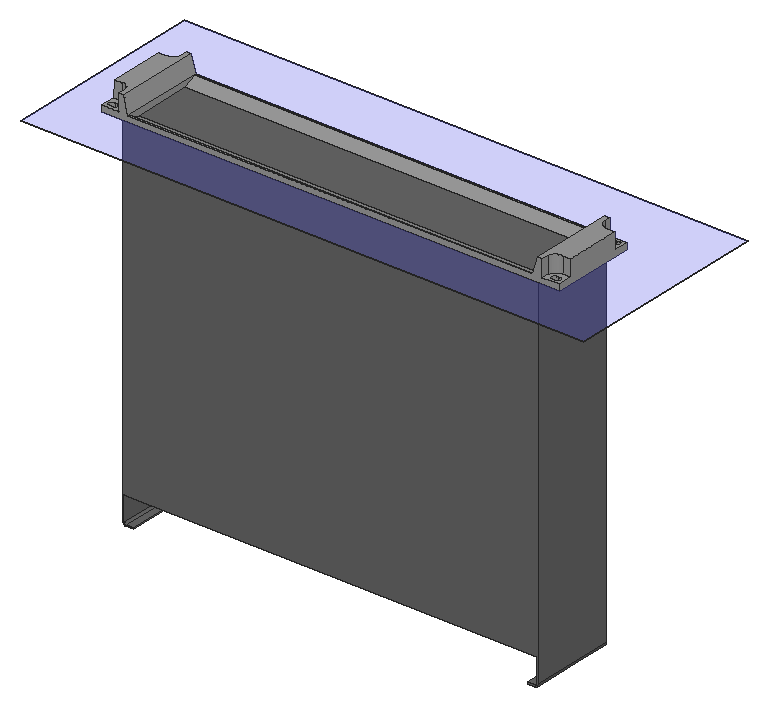
Revit family "QSC CXD-Q Amplifiers", category Generic Models, host Face, Revit 2012
Parameters (values of type "CXD4.5Q")
  Width = 1' - 7"  # constant formula
  Weight Product (lb) = 22
  Weight Product (kg) = 10
  Weight Dimensional (lb) = 26
  Weight Dimensional (kg) = 11.8
  Voltage AC = "100-240 at 50-60 Hz"  # constant formula
  URL = "http://qsc.com/products/Power_Amplifiers/CXD-Q_Series/CXD4.5Q/"
  Regulatory Compliance = "UL, CE, RoHS/WEEE, FCC Class A"  # constant formula
  Product Page URL = "http://qsc.com/products/Power_Amplifiers/CXD-Q_Series/CXD4.5Q/"
  Product Documentation Link = "http://qsc.com/files/1913/9232/8368/CXD-Q_SpecSheet_02132014.pdf"
  Power Troubleshoot [instance] = 0
  Power Standby [instance] = 0
  Power Peak [instance] = 0
  Power Factor [instance] = 0
  Power Active [instance] = 0
  Model = "CXD4.5Q"
  Manufacturer URL = "http://www.qscaudio.com"
  Manufacturer = "QSC Audio Products, LLC"  # constant formula
  Inner Front Width [instance] = 1' - 4.819"
  Height = 0' - 3 1/2"  # constant formula
  Heat Load Troubleshoot [instance] = 0
  Heat Load Standby [instance] = 0
  Heat Load Active [instance] = 0
  Face Material [instance] = Light Gray Finish
  Description = "5000 Watt Multi-Channel Network Processing Amplifier"
  Depth = 1' - 4"
  Default Elevation = 0' - 0"
  Current Draw [instance] = 0
  Amplifier Material [instance] = Black Finish
Types (4): name | Weight Product (lb) | Weight Product (kg) | Weight Dimensional (lb) | Weight Dimensional (kg) | URL | Product Page URL | Model | Description | Depth
  (no name) | 22 | 10 | 26 | 11.8 | "http://qsc.com/products/Power_Amplifiers/CXD-Q_Series/CXD4.5Q/" | "http://qsc.com/products/Power_Amplifiers/CXD-Q_Series/CXD4.5Q/" | "CXD4.5Q" | "5000 Watt Multi-Channel Network Processing Amplifier" | 1' - 4"
  CXD4.2Q | 18.5 | 8.4 | 22 | 10 | "http://qsc.com/products/Power_Amplifiers/CXD-Q_Series/CXD4.2Q/" | "http://qsc.com/products/Power_Amplifiers/CXD-Q_Series/CXD4.2Q/" | "CXD4.2Q" | "2000 Watt Multi-Channel Network Processing Amplifier" | 1' - 0"
  CXD4.3Q | 21 | 9.5 | 25 | 11.3 | "http://qsc.com/products/Power_Amplifiers/CXD-Q_Series/CXD4.3Q/" | "http://qsc.com/products/Power_Amplifiers/CXD-Q_Series/CXD4.3Q/" | "CXD4.3Q" | "3000 Watt Multi-Channel Network Processing Amplifier" | 1' - 4"
  CXD4.5Q | 22 | 10 | 26 | 11.8 | "http://qsc.com/products/Power_Amplifiers/CXD-Q_Series/CXD4.5Q/" | "http://qsc.com/products/Power_Amplifiers/CXD-Q_Series/CXD4.5Q/" | "CXD4.5Q" | "5000 Watt Multi-Channel Network Processing Amplifier" | 1' - 4"
Reference planes (in)
  plane 1 "Center (Front/Back)": y = 0
  plane 2: z = 0
  plane 3 "Center (Left/Right)": x = 0
  plane 4 "Left": x = -9.5
  plane 5 "Right": x = 9.5
  plane 6 "Top": y = 1.75
  plane 7 "Bottom": y = -1.75
  plane 8 "Back": z = -15.0591
  plane 9: z = -13.9291
  plane 10: x = -8.6228
  plane 11: x = 8.6228
  plane 12 "Front": z = 0.9409
  plane 13: x = -8.1838
  plane 14: x = 8.1838
  plane 15: x = -9.4688
  plane 16: x = -8.5948
  plane 17: x = -8.4095
  plane 18: z = 0.2492
  plane 19: x = 9.4688
  plane 20: x = 8.5948
  plane 21: x = 8.4095
  plane 22: z = 0.2492
  plane 23: z = 0.5531
  plane 24 "Inner Left": x = -8.4095
  plane 25 "Inner Right": x = 8.4095
Forms (in)
  Extrusion 1, solid, material "Glass"
    sketch origin (0, 0, 0) x (1, 0, 0) y (0, 1, 0)
      loop
        line (-11.18464, 4.67779) -> (-11.18464, -3.88137) -> (12.1957, -3.88137) -> (12.1957, 4.67779) -> (-11.18464, 4.67779)
    from 0 to -0.03906
  Extrusion 2, solid, material "Black Finish" <- "Amplifier Material"
    sketch origin (0, -1.75, 0) x (-1, 0, 0) y (0, 0, 1)
      loop
        line (9.5, 0) -> (-9.5, 0) -> (-9.5, -15.0591) -> (9.5, -15.0591) -> (9.5, 0)
    from 0 to 3.5 <- "Height"
  Extrusion 3, void
    sketch origin (0, -1.75, 0) x (-1, 0, 0) y (0, 0, 1)
      loop
        line (8.6228, -15.0591) -> (9.5, -15.0591) -> (9.5, 0) -> (8.6228, 0) -> (8.6228, -15.0591)
      loop
        line (-9.5, -15.0591) -> (-8.6228, -15.0591) -> (-8.6228, 0) -> (-9.5, 0) -> (-9.5, -15.0591)
    from 0 to 3.5 <- "Height"
  Extrusion 4, void
    sketch origin (0, -1.75, 0) x (-1, 0, 0) y (0, 0, 1)
      loop
        arc (8.6228, -14.9291) -> (8.58472, -15.02102) -> (8.4928, -15.0591) r 0.13
        line (8.4928, -15.0591) -> (8.6228, -15.0591) -> (8.6228, -14.9291)
      loop
        line (8.5755, -14.92909) -> (8.5755, -13.9291) -> (-8.5755, -13.9291) -> (-8.5755, -14.92909)
        arc (-8.5755, -14.92909) -> (-8.55128, -14.98757) -> (-8.4928, -15.01179) r 0.0827
        line (-8.4928, -15.01179) -> (-8.1838, -15.01179) -> (-8.1838, -15.0591) -> (8.1838, -15.0591) -> (8.1838, -15.01179) -> (8.4928, -15.01179)
        arc (8.4928, -15.01179) -> (8.55128, -14.98757) -> (8.5755, -14.92909) r 0.0827
      loop
        line (-8.6228, -14.9291) -> (-8.6228, -15.0591) -> (-8.4928, -15.0591)
        arc (-8.4928, -15.0591) -> (-8.58472, -15.02102) -> (-8.6228, -14.9291) r 0.13
    from 0 to 3.5
  Extrusion 5, void
    sketch origin (0, -1.75, 0) x (-1, 0, 0) y (0, 0, 1)
      loop
        line (9.5, 0) -> (9.5, 0.9409) -> (9.4688, 0.9409) -> (9.5, 0)
      loop
        line (8.5948, 0.9409) -> (-8.5948, 0.9409) -> (-8.4095, 0.2492)
        arc (-8.4095, 0.2492) -> (0, 0.54301) -> (8.4095, 0.2492) r 120.49542
        line (8.4095, 0.2492) -> (8.5948, 0.9409)
      loop
        line (-9.4688, 0.9409) -> (-9.5, 0.9409) -> (-9.5, 0) -> (-9.4688, 0.9409)
    from 0 to 3.5
  Extrusion 6, void
    sketch origin (0, 0, 0.9409) x (-1, 0, 0) y (0, -1, 0)
      loop
        line (9.5, -1.75) -> (9.5, -1.138) -> (9.1609, -1.138)
        arc (9.1609, -1.138) -> (8.90489, -1.23581) -> (8.7793, -1.4794) r 0.38397
        line (8.7793, -1.4794) -> (8.7793, -1.75) -> (9.5, -1.75)
      loop
        line (9.5, 1.75) -> (8.7793, 1.75) -> (8.7793, 1.4794)
        arc (8.7793, 1.4794) -> (8.90489, 1.23581) -> (9.1609, 1.138) r 0.38397
        line (9.1609, 1.138) -> (9.5, 1.138) -> (9.5, 1.75)
      loop
        line (-9.5, -1.75) -> (-8.7793, -1.75) -> (-8.7793, -1.4794)
        arc (-8.7793, -1.4794) -> (-8.90489, -1.23581) -> (-9.1609, -1.138) r 0.38397
        line (-9.1609, -1.138) -> (-9.5, -1.138) -> (-9.5, -1.75)
      loop
        line (-9.5, 1.75) -> (-9.5, 1.138) -> (-9.1609, 1.138)
        arc (-9.1609, 1.138) -> (-8.90489, 1.23581) -> (-8.7793, 1.4794) r 0.38397
        line (-8.7793, 1.4794) -> (-8.7793, 1.75) -> (-9.5, 1.75)
    from 0 to -0.68359
  Extrusion 7, void
    sketch origin (0, 0, 0.9409) x (-1, 0, 0) y (0, -1, 0)
      loop
        arc (9.2614, -1.651) -> (9.3894, -1.523) -> (9.2614, -1.395) r 0.128
        line (9.2614, -1.395) -> (9.1314, -1.395)
        arc (9.1314, -1.395) -> (9.0034, -1.523) -> (9.1314, -1.651) r 0.128
        line (9.1314, -1.651) -> (9.2614, -1.651)
      loop
        arc (9.2614, 1.395) -> (9.3894, 1.523) -> (9.2614, 1.651) r 0.128
        line (9.2614, 1.651) -> (9.1314, 1.651)
        arc (9.1314, 1.651) -> (9.0034, 1.523) -> (9.1314, 1.395) r 0.128
        line (9.1314, 1.395) -> (9.2614, 1.395)
      loop
        arc (-9.1314, -1.651) -> (-9.0034, -1.523) -> (-9.1314, -1.395) r 0.128
        line (-9.1314, -1.395) -> (-9.2614, -1.395)
        arc (-9.2614, -1.395) -> (-9.3894, -1.523) -> (-9.2614, -1.651) r 0.128
        line (-9.2614, -1.651) -> (-9.1314, -1.651)
      loop
        arc (-9.1314, 1.395) -> (-9.0034, 1.523) -> (-9.1314, 1.651) r 0.128
        line (-9.1314, 1.651) -> (-9.2614, 1.651)
        arc (-9.2614, 1.651) -> (-9.3894, 1.523) -> (-9.2614, 1.395) r 0.128
        line (-9.2614, 1.395) -> (-9.1314, 1.395)
    from 0 to -1
  Extrusion 8, void
    sketch origin (-8.4095, 0, 0) x (0, 1, 0) y (0, 0, 1)
      loop
        line (1.69062, 0.22932) -> (1.75, 0.9409) -> (1.69062, 0.9409) -> (-1.75, 0.9409) -> (-1.69553, 0.2249) -> (-1.19154, 0) -> (1.20399, 0) -> (1.69062, 0.22932)
    from 0 to 16.819 <- "Inner Front Width"
  Extrusion 9, void
    sketch origin (0, 0, -15.0591) x (-1, 0, 0) y (0, -1, 0)
      loop
        line (-7.32949, -1.03367) -> (-7.32949, -0.52058) -> (-7.81852, -0.52058) -> (-7.81852, -1.03367) -> (-7.32949, -1.03367)
      loop
        line (7.72058, 0.19721) -> (7.72058, 1.11296) -> (7.23155, 1.11296) -> (7.23155, 0.19721) -> (7.72058, 0.19721)
      loop
        line (-2.43464, -0.77434) -> (-2.43464, -0.38625) -> (-3.21866, -0.38625) -> (-3.21866, -0.77434) -> (-2.43464, -0.77434)
      loop
        line (-3.43464, -0.77434) -> (-3.43464, -0.38625) -> (-4.21866, -0.38625) -> (-4.21866, -0.77434) -> (-3.43464, -0.77434)
      loop
        line (-4.43464, -0.77434) -> (-4.43464, -0.38625) -> (-5.21866, -0.38625) -> (-5.21866, -0.77434) -> (-4.43464, -0.77434)
      loop
        line (-5.43464, -0.77434) -> (-5.43464, -0.38625) -> (-6.21866, -0.38625) -> (-6.21866, -0.77434) -> (-5.43464, -0.77434)
      loop
        line (-0.89445, -0.96299) -> (-0.89445, -0.75279) -> (-1.17972, -0.75279) -> (-1.17972, -0.96299) -> (-0.89445, -0.96299)
      loop
        line (-0.89445, -0.30592) -> (-0.89445, -0.09572) -> (-1.17972, -0.09572) -> (-1.17972, -0.30592) -> (-0.89445, -0.30592)
      loop
        line (-0.89445, 0.35115) -> (-0.89445, 0.56135) -> (-1.17972, 0.56135) -> (-1.17972, 0.35115) -> (-0.89445, 0.35115)
      loop
        line (-0.89445, 1.00822) -> (-0.89445, 1.21842) -> (-1.17972, 1.21842) -> (-1.17972, 1.00822) -> (-0.89445, 1.00822)
      loop
        line (-7.14672, 0.56135) -> (-7.14672, 1.43183) -> (-7.76418, 1.43183) -> (-7.76418, 0.56135) -> (-7.14672, 0.56135)
      loop
        line (-6.79824, -1.03367) -> (-6.79824, -0.52058) -> (-7.28727, -0.52058) -> (-7.28727, -1.03367) -> (-6.79824, -1.03367)
      loop
        line (-0.89445, -1.28946) -> (-0.89445, -1.07925) -> (-1.17972, -1.07925) -> (-1.17972, -1.28946) -> (-0.89445, -1.28946)
      loop
        line (-0.89445, -0.63239) -> (-0.89445, -0.42219) -> (-1.17972, -0.42219) -> (-1.17972, -0.63239) -> (-0.89445, -0.63239)
      loop
        line (-0.89445, 0.02468) -> (-0.89445, 0.23488) -> (-1.17972, 0.23488) -> (-1.17972, 0.02468) -> (-0.89445, 0.02468)
      loop
        line (-0.89445, 0.68175) -> (-0.89445, 0.89195) -> (-1.17972, 0.89195) -> (-1.17972, 0.68175) -> (-0.89445, 0.68175)
    from 0 to 1.25
  Extrusion 10, solid, material "Light Gray Finish" <- "Face Material"
    sketch origin (0, -1.75, 0) x (-1, 0, 0) y (0, 0, 1)
      loop
        line (9.5, 0.9409) -> (-9.5, 0.9409) -> (-9.5, 0) -> (9.5, 0) -> (9.5, 0.9409)
    from 0 to 3.5 <- "Height"
Cuts and joins
  Extrusion 3, Extrusion 4, Extrusion 5, Extrusion 6, Extrusion 7, Extrusion 8, Extrusion 9 cuts Extrusion 2
  Extrusion 5, Extrusion 6, Extrusion 7, Extrusion 8 cuts Extrusion 10
Lines and regions (in)
  model lines, detail levels fine
    curve 1: arc (-8.6228, 1.2481, -14.2168) -> (-8.6228, 1.1201, -14.0888) -> (-8.6228, 0.9921, -14.2168) r 0.128
    curve 2: line (-8.6228, 0.9921, -14.2168) -> (-8.6228, 0.9921, -14.3468)
    curve 3: arc (-8.6228, 0.9921, -14.3468) -> (-8.6228, 1.1201, -14.4748) -> (-8.6228, 1.2481, -14.3468) r 0.128
    curve 4: line (-8.6228, 1.2481, -14.3468) -> (-8.6228, 1.2481, -14.2168)
    curve 5: arc (-8.6228, 0.6931, -14.7368) -> (-8.6228, 0.6231, -14.6668) -> (-8.6228, 0.5531, -14.7368) r 0.07
    curve 6: arc (-8.6228, 0.5531, -14.7368) -> (-8.6228, 0.6231, -14.8068) -> (-8.6228, 0.6931, -14.7368) r 0.07
    curve 7: arc (-8.6228, -0.5531, -14.7368) -> (-8.6228, -0.6231, -14.6668) -> (-8.6228, -0.6931, -14.7368) r 0.07
    curve 8: arc (-8.6228, -0.6931, -14.7368) -> (-8.6228, -0.6231, -14.8068) -> (-8.6228, -0.5531, -14.7368) r 0.07
    curve 9: arc (-8.6228, -1.2481, -14.3468) -> (-8.6228, -1.1201, -14.4748) -> (-8.6228, -0.9921, -14.3468) r 0.128
    curve 10: line (-8.6228, -0.9921, -14.3468) -> (-8.6228, -0.9921, -14.2168)
    curve 11: arc (-8.6228, -0.9921, -14.2168) -> (-8.6228, -1.1201, -14.0888) -> (-8.6228, -1.2481, -14.2168) r 0.128
    curve 12: line (-8.6228, -1.2481, -14.2168) -> (-8.6228, -1.2481, -14.3468)
    curve 13: arc (8.6228, 1.2481, -14.2168) -> (8.6228, 1.1201, -14.0888) -> (8.6228, 0.9921, -14.2168) r 0.128
    curve 14: line (8.6228, 0.9921, -14.2168) -> (8.6228, 0.9921, -14.3468)
    curve 15: arc (8.6228, 0.9921, -14.3468) -> (8.6228, 1.1201, -14.4748) -> (8.6228, 1.2481, -14.3468) r 0.128
    curve 16: line (8.6228, 1.2481, -14.3468) -> (8.6228, 1.2481, -14.2168)
    curve 17: arc (8.6228, 0.6931, -14.7368) -> (8.6228, 0.6231, -14.6668) -> (8.6228, 0.5531, -14.7368) r 0.07
    curve 18: arc (8.6228, 0.5531, -14.7368) -> (8.6228, 0.6231, -14.8068) -> (8.6228, 0.6931, -14.7368) r 0.07
    curve 19: arc (8.6228, -0.5531, -14.7368) -> (8.6228, -0.6231, -14.6668) -> (8.6228, -0.6931, -14.7368) r 0.07
    curve 20: arc (8.6228, -0.6931, -14.7368) -> (8.6228, -0.6231, -14.8068) -> (8.6228, -0.5531, -14.7368) r 0.07
    curve 21: arc (8.6228, -1.2481, -14.3468) -> (8.6228, -1.1201, -14.4748) -> (8.6228, -0.9921, -14.3468) r 0.128
    curve 22: line (8.6228, -0.9921, -14.3468) -> (8.6228, -0.9921, -14.2168)
    curve 23: arc (8.6228, -0.9921, -14.2168) -> (8.6228, -1.1201, -14.0888) -> (8.6228, -1.2481, -14.2168) r 0.128
    curve 24: line (8.6228, -1.2481, -14.2168) -> (8.6228, -1.2481, -14.3468)
    curve 25: circle (-8.3438, 0.6231, -15.0591) r 0.07 normal (0, 0, 1)
    curve 26: circle (-8.3438, -0.6231, -15.0591) r 0.07 normal (0, 0, -1)
    curve 27: circle (8.3438, 0.6231, -15.0591) r 0.07 normal (0, 0, -1)
    curve 28: circle (8.3438, -0.6231, -15.0591) r 0.07 normal (0, 0, 1)
    curve 61: line (-0.23509, 0.74029, 0.08969) -> (-0.37409, 0.87779, 0.08969)
    curve 62: line (2.27671, 0.74029, 0.08969) -> (2.41571, 0.87779, 0.08969)
    curve 63: line (2.27671, -0.76171, 0.08969) -> (2.41571, -0.89921, 0.08969)
    curve 64: line (-0.23509, -0.76171, 0.08969) -> (-0.37409, -0.89921, 0.08969)
    curve 69: arc (-3.92972, -0.06127, 0.08969) -> (-3.95365, -0.19312, 0.08969) -> (-3.97819, -0.06139, 0.08969) r 0.06812
    curve 70: line (-3.95381, -0.125, 0.08969) -> (-3.95381, -0.00273, 0.08969)
    curve 71: line (-2.75377, 0.67779, 0.08969) -> (-2.43464, 0.67779, 0.08969)
    curve 72: line (-2.75377, 0.51506, 0.08969) -> (-2.75377, 0.67779, 0.08969)
    curve 73: line (-2.43464, 0.51506, 0.08969) -> (-2.75377, 0.51506, 0.08969)
    curve 74: line (-2.43464, 0.67779, 0.08969) -> (-2.43464, 0.51506, 0.08969)
    curve 75: line (-1.25377, 0.67779, 0.08969) -> (-0.93464, 0.67779, 0.08969)
    curve 76: line (-1.25377, 0.51506, 0.08969) -> (-1.25377, 0.67779, 0.08969)
    curve 77: line (-0.93464, 0.51506, 0.08969) -> (-1.25377, 0.51506, 0.08969)
    curve 78: line (-0.93464, 0.67779, 0.08969) -> (-0.93464, 0.51506, 0.08969)
    curve 79: line (-2.25377, 0.67779, 0.08969) -> (-1.93464, 0.67779, 0.08969)
    curve 80: line (-2.25377, 0.51506, 0.08969) -> (-2.25377, 0.67779, 0.08969)
    curve 81: line (-1.93464, 0.51506, 0.08969) -> (-2.25377, 0.51506, 0.08969)
    curve 82: line (-1.93464, 0.67779, 0.08969) -> (-1.93464, 0.51506, 0.08969)
    curve 83: line (-1.75377, 0.67779, 0.08969) -> (-1.43464, 0.67779, 0.08969)
    curve 84: line (-1.75377, 0.51506, 0.08969) -> (-1.75377, 0.67779, 0.08969)
    curve 85: line (-1.43464, 0.51506, 0.08969) -> (-1.75377, 0.51506, 0.08969)
    curve 86: line (-1.43464, 0.67779, 0.08969) -> (-1.43464, 0.51506, 0.08969)
    curve 87: line (-2.75377, -0.19721, 0.08969) -> (-2.43464, -0.19721, 0.08969)
    curve 88: line (-2.75377, -0.35994, 0.08969) -> (-2.75377, -0.19721, 0.08969)
    curve 89: line (-2.43464, -0.35994, 0.08969) -> (-2.75377, -0.35994, 0.08969)
    curve 90: line (-2.43464, -0.19721, 0.08969) -> (-2.43464, -0.35994, 0.08969)
    curve 91: line (-1.25377, -0.19721, 0.08969) -> (-0.93464, -0.19721, 0.08969)
    curve 92: line (-1.25377, -0.35994, 0.08969) -> (-1.25377, -0.19721, 0.08969)
    curve 93: line (-0.93464, -0.35994, 0.08969) -> (-1.25377, -0.35994, 0.08969)
    curve 94: line (-0.93464, -0.19721, 0.08969) -> (-0.93464, -0.35994, 0.08969)
    curve 95: line (-2.25377, -0.19721, 0.08969) -> (-1.93464, -0.19721, 0.08969)
    curve 96: line (-2.25377, -0.35994, 0.08969) -> (-2.25377, -0.19721, 0.08969)
    curve 97: line (-1.93464, -0.35994, 0.08969) -> (-2.25377, -0.35994, 0.08969)
    curve 98: line (-1.93464, -0.19721, 0.08969) -> (-1.93464, -0.35994, 0.08969)
    curve 99: line (-1.75377, -0.19721, 0.08969) -> (-1.43464, -0.19721, 0.08969)
    curve 100: line (-1.75377, -0.35994, 0.08969) -> (-1.75377, -0.19721, 0.08969)
    curve 101: line (-1.43464, -0.35994, 0.08969) -> (-1.75377, -0.35994, 0.08969)
    curve 102: line (-1.43464, -0.19721, 0.08969) -> (-1.43464, -0.35994, 0.08969)
    curve 103: line (2.74506, 0.87779, 0.08969) -> (3.1581, 0.87779, 0.08969)
    curve 104: line (2.74506, 0.64006, 0.08969) -> (2.74506, 0.87779, 0.08969)
    curve 105: line (3.1581, 0.64006, 0.08969) -> (2.74506, 0.64006, 0.08969)
    curve 106: line (3.1581, 0.87779, 0.08969) -> (3.1581, 0.64006, 0.08969)
    curve 107: line (2.74506, -0.66149, 0.08969) -> (3.1581, -0.66149, 0.08969)
    curve 108: line (2.74506, -0.89921, 0.08969) -> (2.74506, -0.66149, 0.08969)
    curve 109: line (3.1581, -0.89921, 0.08969) -> (2.74506, -0.89921, 0.08969)
    curve 110: line (3.1581, -0.66149, 0.08969) -> (3.1581, -0.89921, 0.08969)
    curve 111: line (2.74506, 0.3647, 0.08969) -> (3.1581, 0.3647, 0.08969)
    curve 112: line (2.74506, 0.12697, 0.08969) -> (2.74506, 0.3647, 0.08969)
    curve 113: line (3.1581, 0.12697, 0.08969) -> (2.74506, 0.12697, 0.08969)
    curve 114: line (3.1581, 0.3647, 0.08969) -> (3.1581, 0.12697, 0.08969)
  model lines, style "GenericModel", detail levels fine
    curve 29: line (0.08067, -1.4709, 0.12466) -> (-0.00659, -1.36592, 0.07781)
    curve 30: line (-0.00659, -1.36592, 0.07781) -> (0.08067, -1.4709, 0.12466)
    curve 31: line (-0.32294, -1.45779, 0.11881) -> (-0.28998, -1.3495, 0.07049)
    curve 32: line (-0.28998, -1.3495, 0.07049) -> (-0.32294, -1.45779, 0.11881)
    curve 33: line (-0.26788, -1.5295, 0.15081) -> (-0.29248, -1.32909, 0.06138)
    curve 34: line (-0.29248, -1.32909, 0.06138) -> (-0.26788, -1.5295, 0.15081)
    curve 35: line (0.19751, -1.38929, 0.08824) -> (0.27532, -1.44149, 0.11154)
    curve 36: line (0.27532, -1.44149, 0.11154) -> (0.19751, -1.38929, 0.08824)
  model lines, style "GenericModel", not visible, detail levels fine
    curve 37: line (13.55599, -1.01274, 0.03125) -> (13.46873, -0.89778, 0.03125)
    curve 38: line (13.46873, -0.89778, 0.03125) -> (13.55599, -1.01274, 0.03125)
    curve 39: line (13.15237, -0.99839, 0.03125) -> (13.18534, -0.8798, 0.03125)
    curve 40: line (13.18534, -0.8798, 0.03125) -> (13.15237, -0.99839, 0.03125)
    curve 41: line (13.20744, -1.07691, 0.03125) -> (13.18283, -0.85745, 0.03125)
    curve 42: line (13.18283, -0.85745, 0.03125) -> (13.20744, -1.07691, 0.03125)
    curve 43: line (13.67283, -0.92336, 0.03125) -> (13.75064, -0.98053, 0.03125)
    curve 44: line (13.75064, -0.98053, 0.03125) -> (13.67283, -0.92336, 0.03125)
  model lines, not visible
    curve 45: arc (-4.09496, -0.0625, 1.79211) -> (-3.79966, 0.2328, 1.79211) -> (-3.50436, -0.0625, 1.79211) r 0.2953
    curve 46: arc (-3.50436, -0.0625, 1.79211) -> (-3.79966, -0.3578, 1.79211) -> (-4.09496, -0.0625, 1.79211) r 0.2953
    curve 47: arc (2.90932, 0.1875, 1.79211) -> (3.51952, 0.7977, 1.79211) -> (4.12972, 0.1875, 1.79211) r 0.6102
    curve 48: arc (4.12972, 0.1875, 1.79211) -> (3.51952, -0.4227, 1.79211) -> (2.90932, 0.1875, 1.79211) r 0.6102
    curve 49: line (2.1373, 0.9632, 1.79211) -> (2.1373, -0.8138, 1.79211)
    curve 50: line (2.1373, -0.8138, 1.79211) -> (-0.6525, -0.8138, 1.79211)
    curve 51: line (-0.6525, -0.8138, 1.79211) -> (-0.6525, 0.9632, 1.79211)
    curve 52: line (-0.6525, 0.9632, 1.79211) -> (2.1373, 0.9632, 1.79211)
  model lines, detail levels medium+fine
    curve 53: line (-0.37409, 0.87779, 0.08969) -> (2.41571, 0.87779, 0.08969)
    curve 54: line (2.41571, 0.87779, 0.08969) -> (2.41571, -0.89921, 0.08969)
    curve 55: line (-0.37409, -0.89921, 0.08969) -> (2.41571, -0.89921, 0.08969)
    curve 56: line (-0.37409, 0.87779, 0.08969) -> (-0.37409, -0.89921, 0.08969)
    curve 57: line (-0.23509, 0.74029, 0.08969) -> (2.27671, 0.74029, 0.08969)
    curve 58: line (2.27671, 0.74029, 0.08969) -> (2.27671, -0.76171, 0.08969)
    curve 59: line (-0.23509, 0.74029, 0.08969) -> (-0.23509, -0.76171, 0.08969)
    curve 60: line (-0.23509, -0.76171, 0.08969) -> (2.27671, -0.76171, 0.08969)
    curve 65: circle (4.00866, -0.10311, 0.08969) r 0.61 normal (0, 0, 1)
    curve 66: circle (4.00866, -0.10311, 0.08969) r 0.43 normal (0, 0, 1)
    curve 67: circle (-3.95381, -0.125, 0.08969) r 0.2953 normal (0, 0, 1)
    curve 68: circle (-3.95381, -0.125, 0.08969) r 0.2382 normal (0, 0, 1)
Dimensions and locks (in)
  "Depth": plane 12 "Front" to plane 8 "Back"
  equal spacing: plane 6 "Top", plane 1 "Center (Front/Back)", plane 7 "Bottom"
  "Height": plane 6 "Top" to plane 7 "Bottom"
  equal spacing: plane 4 "Left", plane 3 "Center (Left/Right)", plane 5 "Right"
  "Width": plane 4 "Left" to plane 5 "Right"
  plane 9 to plane 8 "Back" = 0' - 1.13"
  plane 4 "Left" to plane 10 = 0' - 0.8772"
  plane 11 to plane 5 "Right" = 0' - 0.8772"
  plane 12 "Front" to plane 2 = 0' - 0.9409"
  plane 10 to plane 13 = 0' - 0.439"
  plane 14 to plane 11 = 0' - 0.439"
  "Inner Front Width": plane 24 "Inner Left" to plane 25 "Inner Right"
  aligned and locked: plane 2 to Extrusion 1
  aligned and locked: level to Extrusion 1
  aligned and locked: Extrusion 2 sketch curve to plane 4 "Left"
  aligned and locked: plane 8 "Back" to Extrusion 2 sketch curve
  aligned and locked: Extrusion 2 sketch curve to plane 5 "Right"
  aligned and locked: Extrusion 3 sketch curve to plane 8 "Back"
  aligned and locked: Extrusion 3 sketch curve to plane 10
  aligned and locked: level to Extrusion 3 sketch curve  (x2)
  aligned and locked: Extrusion 3 sketch curve to plane 4 "Left"
  aligned and locked: Extrusion 3 sketch curve to Extrusion 2
  aligned and locked: Extrusion 2 to Extrusion 3 sketch curve
  aligned and locked: Extrusion 3 sketch curve to plane 11
  aligned and locked: Extrusion 2 sketch curve to plane 2
Automatic sketch dimensions
  Extrusion 1 sketch curve to Extrusion 1 sketch curve = 1' - 11.38034"
  Extrusion 1 sketch curve to Extrusion 1 sketch curve = 0' - 8.55916"
  Extrusion 4 sketch curve to plane 11 = 0' - 0"
  Extrusion 4 sketch curve to plane 9 = 0' - 0"
  Extrusion 4 sketch curve to plane 8 "Back" = 0' - 0"  (x3)
  Extrusion 4 sketch curve to plane 14 = 0' - 0"
  Extrusion 4 sketch curve to plane 13 = 0' - 0"
  Extrusion 4 sketch curve to plane 10 = 0' - 0"
  Extrusion 4 sketch curve to plane 11 = 0' - 0.0473"
  plane 8 "Back" to Extrusion 4 sketch curve = 0' - 0.04731"  (x2)
  plane 25 "Inner Right" to Extrusion 4 sketch curve = 0' - 0.0833"
  Extrusion 4 sketch curve to Extrusion 4 sketch curve = 0' - 0"  (x2)
  Extrusion 4 sketch curve to plane 24 "Inner Left" = 0' - 0.0833"
  plane 10 to Extrusion 4 sketch curve = 0' - 0.0473"
  Extrusion 5 sketch curve to level = 0' - 0"  (x2)
  Extrusion 5 sketch curve to plane 5 "Right" = 0' - 0"
  Extrusion 5 sketch curve to plane 12 "Front" = 0' - 0"  (x3)
  plane 19 to Extrusion 5 sketch curve = 0' - 0"
  plane 20 to Extrusion 5 sketch curve = 0' - 0"
  Extrusion 5 sketch curve to plane 18 = 0' - 0"
  plane 21 to Extrusion 5 sketch curve = 0' - 0"
  Extrusion 5 sketch curve to plane 3 "Center (Left/Right)" = 0' - 0"
  Extrusion 5 sketch curve to plane 17 = 0' - 0"
  Extrusion 5 sketch curve to plane 16 = 0' - 0"
  Extrusion 5 sketch curve to plane 15 = 0' - 0"
  Extrusion 5 sketch curve to plane 4 "Left" = 0' - 0"
  Extrusion 5 sketch curve to plane 8 "Back" = 8' - 8.8933"
  Extrusion 6 sketch curve to plane 5 "Right" = 0' - 0"  (x2)
  Extrusion 6 sketch curve to plane 6 "Top" = 0' - 0"  (x2)
  Extrusion 6 sketch curve to plane 7 "Bottom" = 0' - 0"  (x2)
  Extrusion 6 sketch curve to plane 4 "Left" = 0' - 0"  (x2)
  Extrusion 6 sketch curve to plane 5 "Right" = 0' - 0.3391"  (x2)
  plane 11 to Extrusion 6 sketch curve = 0' - 0.1565"  (x2)
  Extrusion 6 sketch curve to plane 10 = 0' - 0.1565"  (x2)
  plane 4 "Left" to Extrusion 6 sketch curve = 0' - 0.3391"  (x2)
  Extrusion 6 sketch curve to plane 6 "Top" = 0' - 0.22803"  (x2)
  Extrusion 6 sketch curve to plane 6 "Top" = 0' - 0.2706"  (x2)
  plane 7 "Bottom" to Extrusion 6 sketch curve = 0' - 0.612"  (x2)
  plane 7 "Bottom" to Extrusion 6 sketch curve = 0' - 0.2706"  (x2)
  plane 7 "Bottom" to Extrusion 7 sketch curve = 0' - 0.099"  (x2)
  Extrusion 7 sketch curve to plane 5 "Right" = 0' - 0.2386"  (x2)
  Extrusion 7 sketch curve to Extrusion 7 sketch curve = 0' - 0.13"  (x4)
  plane 4 "Left" to Extrusion 7 sketch curve = 0' - 0.3686"  (x2)
  Extrusion 7 sketch curve to plane 6 "Top" = 0' - 0.099"  (x2)
  Extrusion 7 sketch curve to Extrusion 7 sketch curve = 0' - 0.128"  (x2)
  Extrusion 7 sketch curve to Extrusion 7 sketch curve = 0' - 0.256"  (x2)
  curve 5 to curve 6 = 0' - 0"  (x2)
  curve 7 to curve 8 = 0' - 0"  (x2)
  curve 1 to Extrusion 3 = 0' - 0.8423"
  curve 11 to Extrusion 3 = 0' - 0.8423"
  curve 2 to curve 3 = 0' - 0.13"
  curve 10 to curve 10 = 0' - 0.13"
  curve 8 to Extrusion 3 = 0' - 0.3223"
  curve 6 to Extrusion 3 = 0' - 0.3223"
  Extrusion 3 to curve 1 = 0' - 0.5019"
  curve 4 to curve 1 = 0' - 0.128"
  curve 3 to curve 5 = 0' - 0.299"
  curve 5 to curve 6 = 0' - 0.07"
  curve 5 to curve 7 = 0' - 1.1062"
  curve 7 to curve 7 = 0' - 0.07"
  curve 8 to curve 11 = 0' - 0.299"
  curve 10 to curve 11 = 0' - 0.128"
  curve 17 to curve 18 = 0' - 0"  (x2)
  curve 19 to curve 20 = 0' - 0"  (x2)
  curve 19 to Extrusion 3 = 0' - 0.3223"
  curve 18 to Extrusion 3 = 0' - 0.3223"
  curve 17 to curve 16 = 0' - 0.39"
  curve 20 to curve 24 = 0' - 0.39"
  curve 15 to curve 16 = 0' - 0.13"
  curve 21 to curve 22 = 0' - 0.13"
  Extrusion 3 to curve 13 = 0' - 0.5019"
  curve 13 to curve 13 = 0' - 0.128"
  curve 15 to curve 17 = 0' - 0.299"
  curve 17 to curve 18 = 0' - 0.07"
  curve 17 to curve 19 = 0' - 1.1062"
  curve 19 to curve 19 = 0' - 0.07"
  curve 20 to curve 23 = 0' - 0.299"
  curve 22 to curve 23 = 0' - 0.128"
  curve 27 to plane 25 "Inner Right" = 0' - 0.0657"
  curve 28 to plane 25 "Inner Right" = 0' - 0.0657"
  plane 24 "Inner Left" to curve 26 = 0' - 0.0657"
  plane 24 "Inner Left" to curve 25 = 0' - 0.0657"
  curve 27 to plane 1 "Center (Front/Back)" = 0' - 0.6231"
  curve 25 to plane 1 "Center (Front/Back)" = 0' - 0.6231"
  plane 1 "Center (Front/Back)" to curve 28 = 0' - 0.6231"
  plane 1 "Center (Front/Back)" to curve 26 = 0' - 0.6231"
  Extrusion 8 sketch curve to plane 7 "Bottom" = 0' - 0"
  Extrusion 8 sketch curve to plane 12 "Front" = 0' - 0"
  Extrusion 8 sketch curve to plane 6 "Top" = 0' - 0"
  plane 7 "Bottom" to Extrusion 8 sketch curve = 0' - 0.05447"
  Extrusion 8 sketch curve to Extrusion 8 sketch curve = 0' - 0.504"
  Extrusion 8 sketch curve to plane 6 "Top" = 0' - 0.54601"
  Extrusion 8 sketch curve to plane 6 "Top" = 0' - 0.05938"
  Extrusion 8 sketch curve to Extrusion 8 sketch curve = 0' - 0.05938"
  curve 65 to curve 66 = 0' - 0"  (x2)
  curve 67 to curve 68 = 0' - 0"  (x2)
  curve 67 to curve 69 = 0' - 0"
  curve 68 to curve 69 = 0' - 0"
  curve 56 to plane 3 "Center (Left/Right)" = 0' - 0.37409"
  plane 7 "Bottom" to curve 56 = 0' - 0.85079"
  curve 64 to plane 3 "Center (Left/Right)" = 0' - 0.23509"
  curve 55 to curve 64 = 0' - 0.1375"
  plane 1 "Center (Front/Back)" to curve 67 = 0' - 0 1/8"
  curve 70 to curve 67 = 0' - 0"
  plane 1 "Center (Front/Back)" to curve 65 = 0' - 0.10311"
  plane 1 "Center (Front/Back)" to curve 69 = 0' - 0.06139"
  curve 69 to curve 69 = 0' - 0.00011"
  plane 1 "Center (Front/Back)" to curve 70 = 0' - 0.00273"
  curve 58 to plane 1 "Center (Front/Back)" = 0' - 0.74029"
  curve 57 to curve 61 = 0' - 0.1375"
  plane 3 "Center (Left/Right)" to curve 62 = 0' - 2.27671"
  curve 53 to curve 57 = 0' - 0.139"
  curve 66 to curve 54 = 0' - 1.59296"
  curve 55 to curve 69 = 0' - 3.55563"
  curve 69 to curve 69 = 0' - 0.02409"
  curve 69 to curve 70 = 0' - 0.02409"
  Extrusion 10 sketch curve to level = 0' - 0"
  Extrusion 10 sketch curve to plane 4 "Left" = 0' - 0"
  Extrusion 10 sketch curve to plane 12 "Front" = 0' - 0"
  Extrusion 10 sketch curve to plane 5 "Right" = 0' - 0"
  level to Extrusion 8 sketch curve = 0' - 0.22932"
  level to Extrusion 8 sketch curve = 0' - 0.2249"
  level to Extrusion 8 sketch curve = 0' - 0"
  curve 76 to plane 1 "Center (Front/Back)" = 0' - 0.51506"
  curve 81 to curve 84 = 0' - 0"
  curve 85 to curve 76 = 0' - 0"
  curve 74 to curve 80 = 0' - 0"
  curve 72 to curve 72 = 0' - 0.16273"
  curve 76 to curve 75 = 0' - 0.16273"
  curve 85 to curve 86 = 0' - 0.16273"
  curve 80 to curve 79 = 0' - 0.16273"
  curve 53 to curve 77 = 0' - 0.56055"
  curve 77 to curve 77 = 0' - 0.31913"
  curve 76 to curve 85 = 0' - 0.18087"
  curve 85 to curve 84 = 0' - 0.31913"
  curve 84 to curve 82 = 0' - 0.18087"
  curve 81 to curve 81 = 0' - 0.31913"
  curve 79 to curve 71 = 0' - 0.18087"
  curve 71 to curve 71 = 0' - 0.31913"
  plane 1 "Center (Front/Back)" to curve 90 = 0' - 0.35994"
  curve 98 to curve 100 = 0' - 0"
  curve 101 to curve 92 = 0' - 0"
  curve 89 to curve 97 = 0' - 0"
  curve 88 to curve 88 = 0' - 0.16273"
  curve 97 to curve 98 = 0' - 0.16273"
  curve 93 to curve 91 = 0' - 0.16273"
  curve 100 to curve 100 = 0' - 0.16273"
  curve 55 to curve 94 = 0' - 0.56055"
  curve 91 to curve 91 = 0' - 0.31913"
  curve 92 to curve 101 = 0' - 0.18087"
  curve 101 to curve 101 = 0' - 0.31913"
  curve 100 to curve 98 = 0' - 0.18087"
  curve 95 to curve 95 = 0' - 0.31913"
  curve 96 to curve 90 = 0' - 0.18087"
  curve 87 to curve 87 = 0' - 0.31913"
  curve 54 to curve 109 = 0' - 0"
  curve 108 to curve 108 = 0' - 0.23773"
  curve 113 to plane 1 "Center (Front/Back)" = 0' - 0.12697"
  curve 113 to curve 114 = 0' - 0.23773"
  curve 111 to curve 104 = 0' - 0.27536"
  curve 104 to curve 103 = 0' - 0.23773"
  curve 105 to curve 53 = 0' - 0.74239"
  curve 107 to curve 54 = 0' - 0.74239"
  curve 111 to curve 105 = 0' - 0"
  curve 111 to curve 112 = 0' - 0.41304"
  curve 104 to curve 112 = 0' - 0"
  curve 107 to curve 54 = 0' - 0.32935"
  Extrusion 9 sketch curve to plane 14 = 0' - 0.36528"
  Extrusion 9 sketch curve to plane 14 = 0' - 0.41962"
  Extrusion 9 sketch curve to Extrusion 9 sketch curve = 0' - 0.48903"  (x2)
  Extrusion 9 sketch curve to Extrusion 9 sketch curve = 0' - 0.04222"
  Extrusion 9 sketch curve to Extrusion 9 sketch curve = 0' - 0.61746"
  Extrusion 9 sketch curve to Extrusion 9 sketch curve = 0' - 0.57958"
  Extrusion 9 sketch curve to plane 1 "Center (Front/Back)" = 0' - 0.38625"  (x3)
  Extrusion 9 sketch curve to Extrusion 9 sketch curve = 0' - 0.78402"  (x4)
  Extrusion 9 sketch curve to Extrusion 9 sketch curve = 0' - 0.21598"  (x3)
  Extrusion 9 sketch curve to plane 6 "Top" = 0' - 0.46054"
  plane 3 "Center (Left/Right)" to Extrusion 9 sketch curve = 0' - 1.17972"
  Extrusion 9 sketch curve to plane 1 "Center (Front/Back)" = 0' - 0.30592"
  Extrusion 9 sketch curve to Extrusion 9 sketch curve = 0' - 0"  (x15)
  Extrusion 9 sketch curve to Extrusion 9 sketch curve = 0' - 0.28527"  (x5)
  Extrusion 9 sketch curve to plane 1 "Center (Front/Back)" = 0' - 0.09572"
  plane 1 "Center (Front/Back)" to Extrusion 9 sketch curve = 0' - 0.02468"
  plane 13 to Extrusion 9 sketch curve = 0' - 0.95225"
  plane 13 to Extrusion 9 sketch curve = 0' - 0.46322"
  Extrusion 9 sketch curve to Extrusion 9 sketch curve = 0' - 0.2102"  (x6)
  Extrusion 9 sketch curve to plane 6 "Top" = 0' - 0.71633"
  Extrusion 9 sketch curve to Extrusion 9 sketch curve = 0' - 0.11627"  (x4)
  Extrusion 9 sketch curve to Extrusion 9 sketch curve = 0' - 0.38809"
  Extrusion 9 sketch curve to plane 1 "Center (Front/Back)" = 0' - 0.77434"
  Extrusion 9 sketch curve to Extrusion 9 sketch curve = 0' - 0.1204"  (x2)
  Extrusion 9 sketch curve to Extrusion 9 sketch curve = 0' - 0.51309"
  plane 1 "Center (Front/Back)" to Extrusion 9 sketch curve = 0' - 0.19721"
  plane 1 "Center (Front/Back)" to Extrusion 9 sketch curve = 0' - 0.56135"
  plane 7 "Bottom" to Extrusion 9 sketch curve = 0' - 0.63704"
  plane 7 "Bottom" to Extrusion 9 sketch curve = 0' - 0.31817"
  radius of curve 25 = 0' - 0.07"
  radius of curve 26 = 0' - 0.07"
  radius of curve 27 = 0' - 0.07"
  radius of curve 28 = 0' - 0.07"
  radius of curve 65 = 0' - 0.61"
  radius of curve 66 = 0' - 0.43"
  radius of curve 67 = 0' - 0.2953"
  radius of curve 68 = 0' - 0.2382"
Connectors (in)
  electrical at (-7.47606, -0.65508, -13.8091)
    settings: on cut or joined group 1 (Extrusion 2, Extrusion 3, Extrusion 4, Extrusion 5, Extrusion 6, Extrusion 7, Extrusion 8, Extrusion 9), index 1, voltage 0 V, apparent load 0 VA, apparent load phase1 0 VA, apparent load phase2 0 VA, apparent load phase3 0 VA, power factor 1, load classification "Other", number of poles 1, system type 31, power factor state 1, is connector primary yes, connector utility no, sub classification motor no, connector description "100-240 VAC at 50-60 Hz"
  electrical at (7.45545, -0.99659, -13.8091)
    settings: on cut or joined group 1, index 2, voltage 0 V, apparent load 0 VA, apparent load phase1 0 VA, apparent load phase2 0 VA, apparent load phase3 0 VA, power factor 1, load classification "Other", number of poles 1, system type 14, power factor state 1, is connector primary no, connector utility no, sub classification motor no, connector description "GPIO"
  electrical at (7.57401, 0.77713, -13.8091)
    settings: on cut or joined group 1, index 3, voltage 0 V, apparent load 0 VA, apparent load phase1 0 VA, apparent load phase2 0 VA, apparent load phase3 0 VA, power factor 1, load classification "Other", number of poles 1, system type 14, power factor state 1, is connector primary no, connector utility no, sub classification motor no, connector description "LAN A"
  electrical at (7.04276, 0.77713, -13.8091)
    settings: on cut or joined group 1, index 4, voltage 0 V, apparent load 0 VA, apparent load phase1 0 VA, apparent load phase2 0 VA, apparent load phase3 0 VA, power factor 1, load classification "Other", number of poles 1, system type 14, power factor state 1, is connector primary no, connector utility no, sub classification motor no, connector description "LAN B"
  electrical at (5.82665, 0.5803, -13.8091)
    settings: on cut or joined group 1, index 5, voltage 0 V, apparent load 0 VA, apparent load phase1 0 VA, apparent load phase2 0 VA, apparent load phase3 0 VA, power factor 1, load classification "Other", number of poles 1, system type 14, power factor state 1, is connector primary no, connector utility no, sub classification motor no, connector description "Input 1"
  electrical at (4.82665, 0.5803, -13.8091)
    settings: on cut or joined group 1, index 6, voltage 0 V, apparent load 0 VA, apparent load phase1 0 VA, apparent load phase2 0 VA, apparent load phase3 0 VA, power factor 1, load classification "Other", number of poles 1, system type 14, power factor state 1, is connector primary no, connector utility no, sub classification motor no, connector description "Input 2"
  electrical at (3.82665, 0.5803, -13.8091)
    settings: on cut or joined group 1, index 7, voltage 0 V, apparent load 0 VA, apparent load phase1 0 VA, apparent load phase2 0 VA, apparent load phase3 0 VA, power factor 1, load classification "Other", number of poles 1, system type 14, power factor state 1, is connector primary no, connector utility no, sub classification motor no, connector description "Input 3"
  electrical at (2.82665, 0.5803, -13.8091)
    settings: on cut or joined group 1, index 8, voltage 0 V, apparent load 0 VA, apparent load phase1 0 VA, apparent load phase2 0 VA, apparent load phase3 0 VA, power factor 1, load classification "Other", number of poles 1, system type 14, power factor state 1, is connector primary no, connector utility no, sub classification motor no, connector description "Input 4"
  electrical at (1.03708, 1.18436, -13.8091)
    settings: on cut or joined group 1, index 9, voltage 0 V, apparent load 0 VA, apparent load phase1 0 VA, apparent load phase2 0 VA, apparent load phase3 0 VA, power factor 1, load classification "Other", number of poles 1, system type 14, power factor state 1, is connector primary no, connector utility no, sub classification motor no, connector description "Output T1"
  electrical at (1.03708, 0.85789, -13.8091)
    settings: on cut or joined group 1, index 10, voltage 0 V, apparent load 0 VA, apparent load phase1 0 VA, apparent load phase2 0 VA, apparent load phase3 0 VA, power factor 1, load classification "Other", number of poles 1, system type 14, power factor state 1, is connector primary no, connector utility no, sub classification motor no, connector description "Output T2"
  electrical at (1.03708, 0.52729, -13.8091)
    settings: on cut or joined group 1, index 11, voltage 0 V, apparent load 0 VA, apparent load phase1 0 VA, apparent load phase2 0 VA, apparent load phase3 0 VA, power factor 1, load classification "Other", number of poles 1, system type 14, power factor state 1, is connector primary no, connector utility no, sub classification motor no, connector description "Output T3"
  electrical at (1.03708, 0.20082, -13.8091)
    settings: on cut or joined group 1, index 12, voltage 0 V, apparent load 0 VA, apparent load phase1 0 VA, apparent load phase2 0 VA, apparent load phase3 0 VA, power factor 1, load classification "Other", number of poles 1, system type 14, power factor state 1, is connector primary no, connector utility no, sub classification motor no, connector description "Output T4"
  electrical at (1.03708, -0.12978, -13.8091)
    settings: on cut or joined group 1, index 13, voltage 0 V, apparent load 0 VA, apparent load phase1 0 VA, apparent load phase2 0 VA, apparent load phase3 0 VA, power factor 1, load classification "Other", number of poles 1, system type 14, power factor state 1, is connector primary no, connector utility no, sub classification motor no, connector description "Output T5"
  electrical at (1.03708, -0.45625, -13.8091)
    settings: on cut or joined group 1, index 14, voltage 0 V, apparent load 0 VA, apparent load phase1 0 VA, apparent load phase2 0 VA, apparent load phase3 0 VA, power factor 1, load classification "Other", number of poles 1, system type 14, power factor state 1, is connector primary no, connector utility no, sub classification motor no, connector description "Output T6"
  electrical at (1.03708, -0.78685, -13.8091)
    settings: on cut or joined group 1, index 15, voltage 0 V, apparent load 0 VA, apparent load phase1 0 VA, apparent load phase2 0 VA, apparent load phase3 0 VA, power factor 1, load classification "Other", number of poles 1, system type 14, power factor state 1, is connector primary no, connector utility no, sub classification motor no, connector description "Output T7"
  electrical at (1.03708, -1.11332, -13.8091)
    settings: on cut or joined group 1, index 16, voltage 0 V, apparent load 0 VA, apparent load phase1 0 VA, apparent load phase2 0 VA, apparent load phase3 0 VA, power factor 1, load classification "Other", number of poles 1, system type 14, power factor state 1, is connector primary no, connector utility no, sub classification motor no, connector description "Output T8"
